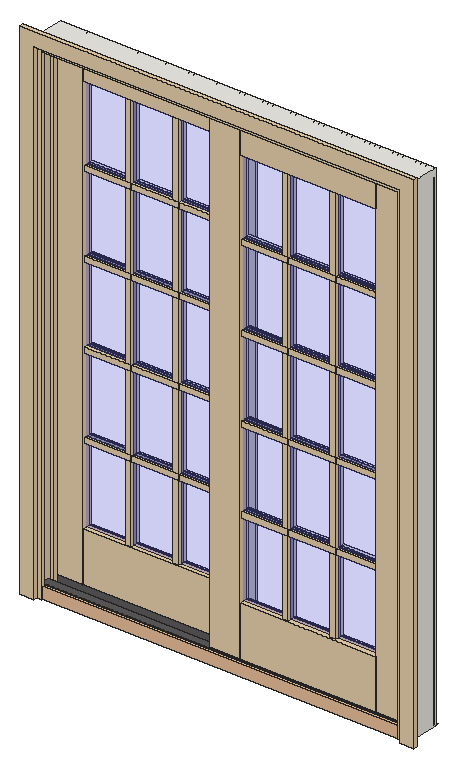
Revit family "Door-Gliding-Andersen-E_Series-Double 2", category Doors, host Wall, Revit 2013 (continued)
Dimensions and locks (in)
  aligned and locked: Split face 11 sketch curve to Split face 10
  aligned and locked: Split face 12 sketch curve to Split face 11
  aligned and locked: plane 51 "Panel1 S1" to Split face 13 sketch curve
  aligned and locked: plane 2 "Center (Left/Right)" to Split face 14 sketch curve
  aligned and locked: Split face 14 sketch curve to plane 63 "Panel2 S2"
  aligned and locked: Split face 14 sketch curve to plane 51 "Panel1 S1"
  aligned and locked: plane 63 "Panel2 S2" to Split face 15 sketch curve
  aligned and locked: nested 2 to plane 44 "R Panel"
  aligned and locked: plane 45 "T Panel" to nested 2
  aligned and locked: plane 63 "Panel2 S2" to nested 2
  aligned and locked: plane 54 "Frame S2 Ext" to Sweep 13 sketch curve
  aligned and locked: Sweep 13 sketch curve to plane 54 "Frame S2 Ext"
  aligned and locked: plane 63 "Panel2 S2" to curve 142
  aligned and locked: plane 63 "Panel2 S2" to curve 143
  aligned and locked: plane 51 "Panel1 S1" to curve 143
  aligned and locked: plane 51 "Panel1 S1" to curve 142
  aligned and locked: plane 31 "T Casing 3" to curve 1
  aligned and locked: plane 13 "Casing S1" to curve 1
Automatic sketch dimensions
  Sweep 8 sketch curve to level = 0' - 0"  (x2)
  profile plane to Sweep 8 sketch curve = 0' - 0 3/4"
  curve 93 to curve 93 = 0' - 5 29/32"
  curve 94 to curve 94 = 0' - 5 29/32"
  curve 8 to curve 8 = 0' - 5 29/32"
  profile plane to Sweep 12 sketch curve = 0' - 1.85627"
  profile plane to Sweep 12 sketch curve = 0' - 1.73369"
  Split face 1 sketch curve to Sweep 12 = 0' - 0"
  Sweep 12 to Split face 1 sketch curve = 0' - 0.00217"
  curve 27 to curve 82 = 0' - 0 1/2"
  curve 82 to curve 21 = 0' - 2.0615"
  curve 80 to curve 22 = 0' - 0 33/64"
  curve 24 to curve 25 = 0' - 1"
  curve 24 to curve 21 = 0' - 0 1/8"
  curve 82 to curve 21 = 0' - 0 3/16"
  curve 21 to curve 23 = 0' - 0 5/8"
  curve 82 to curve 82 = 0' - 0 13/16"
  curve 26 to curve 84 = 0' - 0.19037"
  curve 81 to curve 27 = 0' - 0 3/4"
  curve 21 to curve 24 = 0' - 1.82913"
  curve 84 to curve 26 = 0' - 0 9/32"
  curve 84 to curve 28 = 0' - 0.24713"
  curve 78 to curve 87 = 0' - 0 1/2"
  curve 87 to curve 72 = 0' - 2.0615"
  curve 85 to curve 73 = 0' - 0 33/64"
  curve 75 to curve 76 = 0' - 1"
  curve 75 to curve 72 = 0' - 0 1/8"
  curve 87 to curve 72 = 0' - 0 3/16"
  curve 72 to curve 74 = 0' - 0 5/8"
  curve 87 to curve 87 = 0' - 0 13/16"
  curve 77 to curve 89 = 0' - 0.19037"
  curve 86 to curve 78 = 0' - 0 3/4"
  curve 72 to curve 75 = 0' - 1.82913"
  curve 89 to curve 77 = 0' - 0 9/32"
  curve 89 to curve 79 = 0' - 0.24713"
  curve 115 to curve 115 = 0' - 0 1/4"
  curve 55 to curve 61 = 0' - 0 1/2"
  curve 60 to curve 54 = 0' - 2.0615"
  curve 54 to curve 53 = 0' - 0 33/64"
  curve 53 to curve 51 = 0' - 1.82913"
  curve 51 to curve 57 = 0' - 1"
  curve 56 to curve 57 = 0' - 0 9/32"
  curve 62 to curve 56 = 0' - 0"
  curve 56 to curve 62 = 0' - 0 7/16"
  curve 56 to curve 52 = 0' - 0 3/4"
  curve 59 to curve 52 = 0' - 0"
  curve 59 to curve 61 = 0' - 0.563"
  curve 58 to curve 58 = 0' - 0 5/8"
  curve 51 to curve 51 = 0' - 0 3/4"
  curve 56 to curve 62 = 0' - 0 1/4"
  curve 116 to curve 116 = 0' - 0 1/4"
  curve 43 to curve 18 = 0' - 0 1/2"
  curve 17 to curve 42 = 0' - 2.0615"
  curve 16 to curve 17 = 0' - 0 33/64"
  curve 14 to curve 16 = 0' - 1.82913"
  curve 20 to curve 14 = 0' - 1"
  curve 20 to curve 19 = 0' - 0 9/32"
  curve 44 to curve 19 = 0' - 0"
  curve 19 to curve 44 = 0' - 0 7/16"
  curve 19 to curve 15 = 0' - 0 3/4"
  curve 41 to curve 15 = 0' - 0"
  curve 41 to curve 43 = 0' - 0.563"
  curve 40 to curve 40 = 0' - 0 5/8"
  curve 14 to curve 14 = 0' - 0 3/4"
  curve 19 to curve 44 = 0' - 0 1/4"
  curve 117 to curve 117 = 0' - 0 1/4"
  curve 48 to curve 37 = 0' - 0 1/2"
  curve 36 to curve 47 = 0' - 2.0615"
  curve 35 to curve 36 = 0' - 0 33/64"
  curve 33 to curve 35 = 0' - 1.82913"
  curve 39 to curve 33 = 0' - 1"
  curve 39 to curve 38 = 0' - 0 9/32"
  curve 49 to curve 38 = 0' - 0"
  curve 38 to curve 49 = 0' - 0 7/16"
  curve 38 to curve 34 = 0' - 0 3/4"
  curve 46 to curve 34 = 0' - 0"
  curve 46 to curve 48 = 0' - 0.563"
  curve 45 to curve 45 = 0' - 0 5/8"
  curve 33 to curve 33 = 0' - 0 3/4"
  curve 38 to curve 49 = 0' - 0 1/4"
  curve 30 to level = 0' - 0"
  curve 29 to level = 0' - 0"
  curve 29 to plane 46 "B Panel" = 0' - 0"
  Masking region 1 sketch curve to plane 29 "T Casing 1" = 0' - 0.00287"
  plane 29 "T Casing 1" to Masking region 1 sketch curve = 0' - 0 3/16"
  Masking region 3 sketch curve to plane 29 "T Casing 1" = 0' - 0.00287"
  plane 29 "T Casing 1" to Masking region 3 sketch curve = 0' - 0 3/16"
  curve 71 to curve 125 = 0' - 0.75959"
  curve 125 to curve 66 = 0' - 0 1/4"
  curve 66 to curve 69 = 0' - 0.30308"
  curve 66 to curve 92 = 0' - 1.21767"
  curve 91 to curve 92 = 0' - 1.7605"
  curve 90 to curve 70 = 0' - 0.06458"
  curve 90 to curve 9 = 0' - 1 15/128"
  curve 64 to curve 9 = 0' - 0"  (x2)
  curve 65 to curve 65 = 0' - 0.61541"
  curve 65 to curve 10 = 0' - 0"
  curve 63 to curve 63 = 0' - 0.05976"
  curve 63 to curve 68 = 0' - 0.13918"
  curve 68 to curve 91 = 0' - 0.12708"
  curve 68 to curve 69 = 0' - 0.20978"
  curve 67 to curve 65 = 0' - 1.24271"
  curve 67 to curve 67 = 0' - 1.28489"
  curve 66 to curve 124 = 0' - 0.02119"
  curve 63 to curve 9 = 0' - 2.05971"
  curve 90 to curve 9 = 0' - 0"
  curve 66 to curve 124 = 0' - 0.31162"
  curve 9 to curve 63 = 0' - 0.09649"
  curve 68 to curve 69 = 0' - 0 1/8"
  curve 66 to curve 125 = 0' - 0.01748"
  curve 65 to curve 127 = 0' - 0.13398"
  curve 105 to curve 129 = 0' - 0.75959"
  curve 129 to curve 100 = 0' - 0 1/4"
  curve 100 to curve 103 = 0' - 0.30308"
  curve 100 to curve 108 = 0' - 1.21767"
  curve 107 to curve 108 = 0' - 1.7605"
  curve 106 to curve 104 = 0' - 0.06458"
  curve 106 to curve 95 = 0' - 1 15/128"
  curve 98 to curve 95 = 0' - 0"  (x2)
  curve 99 to curve 99 = 0' - 0.61541"
  curve 99 to curve 96 = 0' - 0"
  curve 97 to curve 97 = 0' - 0.05976"
  curve 97 to curve 102 = 0' - 0.13918"
  curve 102 to curve 107 = 0' - 0.12708"
  curve 102 to curve 103 = 0' - 0.20978"
  curve 101 to curve 99 = 0' - 1.24271"
  curve 101 to curve 101 = 0' - 1.28489"
  curve 100 to curve 128 = 0' - 0.02119"
  curve 97 to curve 95 = 0' - 2.05971"
  curve 106 to curve 95 = 0' - 0"
  curve 100 to curve 128 = 0' - 0.31162"
  curve 95 to curve 97 = 0' - 0.09649"
  curve 102 to curve 103 = 0' - 0 1/8"
  curve 100 to curve 129 = 0' - 0.01748"
  curve 99 to curve 131 = 0' - 0.13398"
  profile plane to Sweep 7 sketch curve = 0' - 1 3/8"
  Sweep 7 sketch curve to plane 10 "Flange" = 0' - 4 1/16"
  profile plane to Sweep 7 sketch curve = 0' - 0 7/16"
  Sweep 7 sketch curve to Sweep 7 sketch curve = 0' - 0 1/4"
  Sweep 7 sketch curve to Sweep 7 sketch curve = 0' - 0 9/32"
  curve 109 to plane 10 "Flange" = 0' - 0"
  curve 6 to plane 10 "Flange" = 0' - 0"
  curve 7 to plane 10 "Flange" = 0' - 0"
  curve 110 to plane 3 "R Frame" = 0' - 0"
  curve 110 to plane 10 "Flange" = 0' - 0"
  curve 7 to plane 20 "R Casing 4" = 0' - 0"
  curve 12 to plane 3 "R Frame" = 0' - 0"
  curve 31 to plane 3 "R Frame" = 0' - 0"
  curve 31 to plane 36 "R Xjamb 1" = 0' - 0"
  curve 12 to plane 17 "R Casing 1" = 0' - 0 1/8"
  Sweep 9 sketch curve to profile plane = 0' - 0.09649"
  Sweep 9 sketch curve to plane 10 "Flange" = 0' - 3.94709"
  Sweep 9 sketch curve to profile plane = 0' - 0 5/32"
  Sweep 9 sketch curve to Sweep 9 sketch curve = 0' - 0.13918"
  Sweep 9 sketch curve to profile plane = 0' - 0.42251"
  Sweep 9 sketch curve to Sweep 9 sketch curve = 0' - 0 1/8"
  Sweep 9 sketch curve to profile plane = 0' - 0.63229"
  Sweep 9 sketch curve to Sweep 9 sketch curve = 0' - 1.28489"
  Sweep 9 sketch curve to Sweep 9 sketch curve = 0' - 0.13398"
  Sweep 9 sketch curve to Sweep 9 sketch curve = 0' - 1.31268"
  plane 10 "Flange" to Sweep 9 sketch curve = 0' - 0.40833"
  Split face 2 sketch curve to cut or joined group of Sweep 9, Sweep 11 = 0' - 0"  (x2)
  Split face 3 sketch curve to Sweep 10 = 0' - 0"  (x2)
  Split face 4 sketch curve to Sweep 10 = 0' - 0"
  Sweep 10 to Split face 4 sketch curve = 0' - 0"
  Split face 5 sketch curve to Sweep 10 = 0' - 0"
  Sweep 10 to Split face 5 sketch curve = 0' - 0"
  Split face 6 sketch curve to Sweep 10 = 0' - 0"  (x2)
  Split face 7 sketch curve to Sweep 8 = 0' - 0"  (x2)
  Split face 8 sketch curve to Sweep 8 = 0' - 0"  (x2)
  Split face 9 sketch curve to Sweep 8 = 0' - 0"
  Sweep 8 to Split face 9 sketch curve = 0' - 0"
  Split face 10 sketch curve to Sweep 7 = 0' - 0"
  Sweep 7 to Split face 10 sketch curve = 0' - 0"
  Split face 11 sketch curve to Sweep 7 = 0' - 0"  (x2)
  Split face 12 sketch curve to Sweep 7 = 0' - 0"  (x2)
  Split face 13 sketch curve to Sweep 8 = 0' - 0"
  Sweep 8 to Split face 13 sketch curve = 0' - 0"
  Split face 14 sketch curve to Sweep 8 = 0' - 0"  (x2)
  Sweep 8 to Split face 15 sketch curve = 0' - 0"  (x2)
  plane 30 "T Casing 2" to curve 1 = 0' - 0"
  curve 3 to plane 11 "Frame S1" = 0' - 0"
Nested families (in)
  nested 1: "Gliding_Panel" at (13.5622, -2.76125, 2.1562) x (-1, 0, 0) z (0, 0, 1), Width <- "Panel Width", Height <- "Panel Height", Between Glass Grille Bar Finish <- "Between Glass Grille Bar Finish", Exterior Grille Bar Finish <- "Exterior Grille Bar Finish", Between Glass Grille Bar Visibility <- "Between Glass Grille Bar Visibility", Exterior Grille Bar Visibility <- "Exterior Grille Bar Visibility", Interior Grille Bar Visibility <- "Interior Grille Bar Visibility", . . Lights Wide <- ". . Lights Wide", . . Top Glass Lights High <- ". . Top Light Lights High", . . Bottom Glass Lights High <- ". . Bottom Light Lights High", . . .Lights Wide <- ". . .Lights Wide", . . .Lights High <- ". . .Lights High", . . .Bottom Bar Location <- ". . .Bottom Bar Location", . . .Bottom Bar Size <- ". . .Bottom Bar Size", Enter Pattern Number <- "Enter Pattern Number", Grille Bar Size <- "Grille Bar Size", Is Gliding <- "Is Gliding", Exterior Panel Finish <- "Exterior Panel Finish", Glazing <- "Glazing Material", Interior Material <- "Interior Material", type <- "Panel Type", Right Jamb Material <- "Interior Material", Left Jamb Material <- "Exterior Panel Finish", type "SP1"
    with Width 2' - 7 1/4", VGB DLO 0' - 6.7084", V Bars 2, TS V DLO 5' - 4 3/16", TS V Bar Length 5' - 4 3/16", TS SH DLO 3' - 0 25/32", TS S V no, TS S H Craftsman no, TS S H no, TS M V yes, TS M H yes, TS HGB DLO 1' - 0.1375", TS H Bars 4, Right Jamb Material Wood - Andersen - Pine, Left Jamb Material Aluminum - Andersen - Painted - White, LW 3, Is Outswing no, Is Inswing no, Is Gliding yes, Interior Material Wood - Andersen - Pine, Interior Grille Bar Visibility yes, Horizontal Craftsman Bar Size 0' - 0 7/8", Hinge "", Height 6' - 4 7/8", H DLO 1' - 9.8752", Grille Bar Size 0' - 0 7/8", Glazing Glass ‐ Andersen - Low-E4 SmartSun, Exterior Panel Finish Aluminum - Andersen - Painted - White, Exterior Grille Bar Visibility yes, Exterior Grille Bar Finish Aluminum - Andersen - Painted - White, Enter Pattern Number 1, CTRL Elevation Swing Visibility no, Between Glass Grille Bar Visibility yes, Between Glass Grille Bar Finish Stainless Steel - Andersen - Standard, BS V DLO 2' - 0 11/32", BS SH DLO 1' - 8 11/64", BS S V no, BS S H no, BS M V no, BS M H no, BS HGB DLO 0' - 5", BS H Bars 2, . . Top Glass Lights High 5, . . Lights Wide 3, . . Bottom Glass Lights High 2, . . .Lights Wide 3, . . .Lights High 1, . . .Bottom Bar Size 0' - 0 7/8", . . .Bottom Bar Location 1' - 0"
  nested 2: "Gliding_Panel" at (-13.5625, -0.2605, 2.1562) x (-1, 0, 0) z (0, 0, 1), Width <- "Panel Width", Height <- "Panel Height", Between Glass Grille Bar Finish <- "Between Glass Grille Bar Finish", Exterior Grille Bar Finish <- "Exterior Grille Bar Finish", Between Glass Grille Bar Visibility <- "Between Glass Grille Bar Visibility", Exterior Grille Bar Visibility <- "Exterior Grille Bar Visibility", Interior Grille Bar Visibility <- "Interior Grille Bar Visibility", . . Lights Wide <- ". . Lights Wide", . . Top Glass Lights High <- ". . Top Light Lights High", . . Bottom Glass Lights High <- ". . Bottom Light Lights High", . . .Lights Wide <- ". . .Lights Wide", . . .Lights High <- ". . .Lights High", . . .Bottom Bar Location <- ". . .Bottom Bar Location", . . .Bottom Bar Size <- ". . .Bottom Bar Size", Enter Pattern Number <- "Enter Pattern Number", Grille Bar Size <- "Grille Bar Size", Exterior Panel Finish <- "Exterior Panel Finish", Glazing <- "Glazing Material", Interior Material <- "Interior Material", type <- "Panel Type", Left Jamb Material <- "Exterior Panel Finish", Right Jamb Material <- "Interior Material", type "SP1"
    with Width 2' - 7 1/4", VGB DLO 0' - 6.7084", V Bars 2, TS V DLO 5' - 4 3/16", TS V Bar Length 5' - 4 3/16", TS SH DLO 3' - 0 25/32", TS S V no, TS S H Craftsman no, TS S H no, TS M V yes, TS M H yes, TS HGB DLO 1' - 0.1375", TS H Bars 4, Right Jamb Material Wood - Andersen - Pine, Left Jamb Material Aluminum - Andersen - Painted - White, LW 3, Is Outswing no, Is Inswing no, Is Gliding no, Interior Material Wood - Andersen - Pine, Interior Grille Bar Visibility yes, Horizontal Craftsman Bar Size 0' - 0 7/8", Hinge "", Height 6' - 4 7/8", H DLO 1' - 9.8752", Grille Bar Size 0' - 0 7/8", Glazing Glass ‐ Andersen - Low-E4 SmartSun, Exterior Panel Finish Aluminum - Andersen - Painted - White, Exterior Grille Bar Visibility yes, Exterior Grille Bar Finish Aluminum - Andersen - Painted - White, Enter Pattern Number 1, CTRL Elevation Swing Visibility no, Between Glass Grille Bar Visibility yes, Between Glass Grille Bar Finish Stainless Steel - Andersen - Standard, BS V DLO 2' - 0 11/32", BS SH DLO 1' - 8 11/64", BS S V no, BS S H no, BS M V no, BS M H no, BS HGB DLO 0' - 5", BS H Bars 2, . . Top Glass Lights High 5, . . Lights Wide 3, . . Bottom Glass Lights High 2, . . .Lights Wide 3, . . .Lights High 1, . . .Bottom Bar Size 0' - 0 7/8", . . .Bottom Bar Location 1' - 0"
Definition of nested family "Gliding_Panel"
  Parameters (values of type "SP3")
    URL = "www.eaglewindow.com"
    Right Jamb Material [instance] = Wood - Andersen - Pine
    Model = "E-Series Doors"  # constant formula
    Manufacturer = "Andersen Corporation"  # constant formula
    Left Jamb Material [instance] = Wood - Andersen - Pine
    Is Gliding [instance] = no
    Interior Material [instance] = Wood - Andersen - Pine
    Hinge [instance] = ""
    Grille Bar Sizes = "5/8'', 7/8'', 1 1/8'', 1 1/2'', 2 1/4''"  # constant formula
    Glazing [instance] = Glass ‐ Andersen - Low-E4 SmartSun
    Exterior Panel Finish [instance] = Aluminum - Andersen - Painted - White
    Description = "Aluminum-Clad Wood Doors"  # constant formula
    CTRL Elevation Swing Visibility [instance] = or(Is Outswing, Is Inswing)  # no
    Between Glass Grille Bar Sizes = "5/8'', 1''"  # constant formula
    Grille Bar Size [instance] = 0' - 0 7/8"
    Enter Pattern Number [instance] = 1
    Pattern Number 1 = "Traditional"  # constant formula
    Pattern Number 2 = "Traditional Top Light Only"  # constant formula
    Analytic Construction = "<None>"
    . . Lights Wide [instance] = 3
    . . Top Glass Lights High [instance] = 3
    . . Bottom Glass Lights High [instance] = 4
    Pattern Number 3 = "Praire Each Light"  # constant formula
    Pattern Number 4 = "Praire Top Light Only"  # constant formula
    Pattern Number 5 = "Praire Overall"  # constant formula
    Pattern Number 6 = "Craftsman"  # constant formula
    . . .Lights Wide [instance] = 3
    . . .Lights High [instance] = 1
    . . .Bottom Bar Location [instance] = 1' - 6"
    . . .Bottom Bar Size [instance] = 0' - 0 7/8"
    Interior Grille Bar Visibility [instance] = yes
    Exterior Grille Bar Visibility [instance] = yes
    Between Glass Grille Bar Visibility [instance] = yes
    Width [instance] = 2' - 10 3/4"
    VGB DLO [instance] = if(or(Enter Pattern Number = 3, or(Enter Pattern Number = 4, Enter Pattern Number = 5)), 0' 5", (H DLO - (Grille Bar Size * (V Bars))) / if(LW > 2, LW, 3))  # 0' - 9.16667"
    V Bars [instance] = if(LW > 2, LW - 1, 2)  # 2
    Type Comments = "Aluminum-Clad Wood"
    Top Rail Size = 0' - 2 3/4"
    Thickness = 0' - 1 3/4"
    TS V DLO [instance] = if(Has Middle Rail, Height - Top Rail Size - Middle Rail Size - Middle Rail Offset, Height - Bottom Rail Size - Top Rail Size)  # 6' - 6 1/2"
    TS V Bar Length [instance] = if(Enter Pattern Number = 6, . . .Bottom Bar Location - Top Rail Size - (. . .Bottom Bar Size / 2), TS V DLO)  # 6' - 6 1/2"
    TS SH DLO [instance] = if(Enter Pattern Number = 5, Top Rail Size + 0' 5" + (Grille Bar Size / 2), if(Enter Pattern Number = 6, . . .Bottom Bar Location, (TS V DLO / 2) + Top Rail Size))  # 3' - 6"
    TS S V [instance] = LW = 2  # no
    TS S H Craftsman [instance] = and(Enter Pattern Number = 6, . . .Lights High = 2)  # no
    TS S H [instance] = or(or(and(. . Top Glass Lights High = 2, or(or(or(Enter Pattern Number = 5, Enter Pattern Number = 6), Enter Pattern Number = 1), Enter Pattern Number = 2)), Enter Pattern Number = 6), Enter Pattern Number = 5)  # no
    TS M V [instance] = or(or(or(or(or(and(LW > 2, Enter Pattern Number = 1), and(LW > 2, Enter Pattern Number = 2)), Enter Pattern Number = 3), Enter Pattern Number = 4), Enter Pattern Number = 5), and(LW > 2, Enter Pattern Number = 6))  # yes
    TS M H [instance] = or(or(or(and(. . Top Glass Lights High > 2, Enter Pattern Number = 1), and(. . Top Glass Lights High > 2, Enter Pattern Number = 2), Enter Pattern Number = 3), Enter Pattern Number = 4), and(. . .Lights High > 2, Enter Pattern Number = 6))  # yes
    TS HGB DLO [instance] = if(or(Enter Pattern Number = 3, Enter Pattern Number = 4), 0' 5", if(and(Enter Pattern Number = 6, . . .Lights High > 2), (TS V Bar Length - (Grille Bar Size * (. . .Lights High - 1))) / . . .Lights High, if(. . Top Glass Lights High > 2, (TS V Bar Length - (. . .Bottom Bar Size * (. . Top Glass Lights High - 1))) / . . Top Glass Lights High, 0' 5")))  # 2' - 1.58333"
    TS H Bars [instance] = if(or(Enter Pattern Number = 3, Enter Pattern Number = 4), 2, if(and(Enter Pattern Number = 6, . . .Lights High > 2), . . .Lights High - 1, if(. . Top Glass Lights High > 2, . . Top Glass Lights High - 1, 2)))  # 2
    LW [instance] = if(or(Enter Pattern Number = 1, Enter Pattern Number = 2), . . Lights Wide, if(Enter Pattern Number = 6, . . .Lights Wide, 3))  # 3
    Horizontal Craftsman Bar Size [instance] = if(Enter Pattern Number = 6, . . .Bottom Bar Size, Grille Bar Size)  # 0' - 0 7/8"
    Stile Size = 0' - 2 3/4"
    Middle Rail Size = 0' - 2 3/4"
    Middle Rail Offset = 2' - 8 11/32"
    Is Outswing [instance] = no
    Is Inswing [instance] = no
    Height [instance] = 7' - 0"
    No Middle Rail = not(Has Middle Rail)  # yes
    Has Middle Rail = 1 = 0  # no
    H DLO [instance] = Width - (2 * Stile Size)  # 2' - 5 1/4"
    Family Version = "06.01.14"  # constant formula
    Exterior Grille Bar Finish [instance] = Aluminum - Andersen - Painted - White
    Bottom Rail Size = 0' - 2 3/4"
    Between Glass Grille Bar Finish [instance] = Stainless Steel - Andersen - Standard
    BS V DLO [instance] = Middle Rail Offset - Bottom Rail Size  # 2' - 5 19/32"
    BS SH DLO [instance] = if(Enter Pattern Number = 5, Bottom Rail Size + 0' 5" + (Grille Bar Size / 2), (BS V DLO / 2) + Bottom Rail Size)  # 1' - 5 35/64"
    BS S V [instance] = and(and(LW = 2, Enter Pattern Number = 1), Has Middle Rail)  # no
    BS S H [instance] = or(and(. . Bottom Glass Lights High = 2, Enter Pattern Number = 1, Has Middle Rail), Enter Pattern Number = 5)  # no
    BS M V [instance] = and(or(or(and(LW > 2, Enter Pattern Number = 1), Enter Pattern Number = 3), Enter Pattern Number = 5), Has Middle Rail)  # no
    BS M H [instance] = and(or(and(. . Bottom Glass Lights High > 2, Enter Pattern Number = 1), Enter Pattern Number = 3), Has Middle Rail)  # no
    BS HGB DLO [instance] = if(. . Bottom Glass Lights High > 2, if(Enter Pattern Number = 3, 0' 5", (BS V DLO - (Grille Bar Size * (. . Bottom Glass Lights High - 1))) / . . Bottom Glass Lights High), 0' 5")  # 0' - 6 95/128"
    BS H Bars [instance] = if(Enter Pattern Number = 3, 2, if(. . Bottom Glass Lights High > 2, . . Bottom Glass Lights High - 1, 2))  # 3
    Appear In Schedule = 0 = 1  # no
  Types (3): name | Right Jamb Material | Left Jamb Material | VGB DLO | Top Rail Size | TS V DLO | TS V Bar Length | TS SH DLO | TS HGB DLO | Stile Size | Middle Rail Size | H DLO | Bottom Rail Size | BS V DLO | BS SH DLO | BS HGB DLO
    SP1 | Aluminum - Andersen - Painted - White | Aluminum - Andersen - Painted - White | 0' - 7.87507" | 0' - 4 11/16" | 5' - 11 5/16" | 5' - 11 5/16" | 3' - 4 11/32" | 1' - 11 3/16" | 0' - 4.6874" | 0' - 5 5/16" | 2' - 1.3752" | 0' - 8" | 2' - 0 11/32" | 1' - 8 11/64" | 0' - 5 55/128"
    SP2 | Aluminum - Andersen - Painted - White | Aluminum - Andersen - Painted - White | 0' - 7.87507" | 0' - 4 11/16" | 5' - 7 5/16" | 5' - 7 5/16" | 3' - 2 11/32" | 1' - 9.85417" | 0' - 4.6874" | 0' - 5 5/16" | 2' - 1.3752" | 1' - 0" | 1' - 8 11/32" | 1' - 10 11/64" | 0' - 4 55/128"
    SP3 | Wood - Andersen - Pine | Wood - Andersen - Pine | 0' - 9.16667" | 0' - 2 3/4" | 6' - 6 1/2" | 6' - 6 1/2" | 3' - 6" | 2' - 1.58333" | 0' - 2 3/4" | 0' - 2 3/4" | 2' - 5 1/4" | 0' - 2 3/4" | 2' - 5 19/32" | 1' - 5 35/64" | 0' - 6 95/128"
  Reference planes (in)
    plane 1 "Center (Front/Back)": y = 0
    plane 2 "Bottom": z = 0
    plane 3 "Center (Left/Right)": x = 0
    plane 4 "Panel S1": y = 0.875
    plane 5 "Panel S2": y = -0.875
    plane 6 "Left": x = -17.375
    plane 7 "Right": x = 17.375
    plane 8 "Top": z = 84
    plane 9 "Center (Elevation)": z = 42
    plane 10 "Right of Left Side": x = -14.625
    plane 11 "Left of Right Side": x = 14.625
    plane 12 "Top of Bottom Rail": z = 2.75
    plane 13 "Bottom of Top Rail": z = 81.25
    plane 14 "Bottom of Middle Rail": z = 32.34375
    plane 15 "Top of Middle Rail": z = 35.09375
    plane 16 "Glass S4": y = -0.25
    plane 17 "Glass S1": y = 0.5
    plane 18 "Glass S3": y = -0.125
    plane 19 "Glass S2": y = 0.375
    plane 20 "B DLO": z = 2.75
    plane 21 "Sliding Elevation": x = -5.7729
  Forms (in)
    Sweep 1, solid, material "Aluminum - Andersen - Painted - White" <- "Exterior Panel Finish"
      path origin (0, 0, 0) x (1, 0, 0) y (0, 0, 1)
        loop
          line (0, 84) -> (0, 0)
      profile origin (0, 0, 42) x (0, -1, 0) y (1, 0, 0)
        loop
          line (-0.875, -17.375) -> (-0.5, -17.375) -> (-0.5, -14.625) -> (-0.875, -14.625) -> (-0.875, -17.375)
        loop
          line (-0.875, 17.375) -> (-0.875, 14.625) -> (-0.5, 14.625) -> (-0.5, 17.375) -> (-0.875, 17.375)
    Sweep 2, solid, material "Aluminum - Andersen - Painted - White" <- "Exterior Panel Finish"
      path origin (0, 0, 0) x (1, 0, 0) y (0, 0, 1)
        loop
          line (-14.625, 2.75) -> (14.625, 2.75)
      profile origin (0, 0, 2.75) x (0, 0, 1) y (0, -1, 0)
        loop
          line (0, -0.875) -> (0, -0.5) -> (-2.75, -0.5) -> (-2.75, -0.875) -> (0, -0.875)
        loop
          line (78.5, -0.5) -> (78.5, -0.875) -> (81.25, -0.875) -> (81.25, -0.5) -> (78.5, -0.5)
    Sweep 3, solid, material "Wood - Andersen - Pine" <- "Interior Material"
      path origin (0, 0, 0) x (1, 0, 0) y (0, 0, 1)
        loop
          line (0, 84) -> (0, 0)
      profile origin (0, 0, 42) x (0, -1, 0) y (1, 0, 0)
        loop
          line (0.875, 17.375) -> (-0.5, 17.375) -> (-0.5, 14.625) -> (0.875, 14.625) -> (0.875, 17.375)
        loop
          line (0.875, -14.625) -> (-0.5, -14.625) -> (-0.5, -17.375) -> (0.875, -17.375) -> (0.875, -14.625)
    Sweep 4, solid, material "Wood - Andersen - Pine" <- "Interior Material"
      path origin (0, 0, 0) x (1, 0, 0) y (0, 0, 1)
        loop
          line (-14.625, 35.09375) -> (14.625, 35.09375)
      profile origin (0, 0, 35.09375) x (0, 0, 1) y (0, -1, 0)
        loop
          line (48.90625, 0.875) -> (46.15625, 0.875) -> (46.15625, -0.5) -> (48.90625, -0.5) -> (48.90625, 0.875)
        loop
          line (-32.34375, 0.875) -> (-35.09375, 0.875) -> (-35.09375, -0.5) -> (-32.34375, -0.5) -> (-32.34375, 0.875)
    Sweep 5, solid, material "Glass ‐ Andersen - Low-E4 SmartSun" <- "Glazing"
      path origin (0, 0, 0) x (1, 0, 0) y (0, 0, 1)
        loop
          line (0, 81.25) -> (0, 2.75)
      profile origin (0, 0, 42) x (0, -1, 0) y (1, 0, 0)
        loop
          line (-0.5, 14.625) -> (-0.5, -14.625) -> (0.25, -14.625) -> (0.25, 14.625) -> (-0.5, 14.625)
    Sweep 6, solid, material "Aluminum - Andersen - Painted - White" <- "Exterior Panel Finish", visible <- "Has Middle Rail"
      path origin (0, 0, 0) x (1, 0, 0) y (0, 0, 1)
        loop
          line (-14.625, 35.09375) -> (14.625, 35.09375)
      profile origin (0, 0, 35.09375) x (0, 0, 1) y (0, -1, 0)
        loop
          line (0, -0.875) -> (0, -0.5) -> (-2.75, -0.5) -> (-2.75, -0.875) -> (0, -0.875)
    Sweep 7, solid, material "Wood - Andersen - Pine" <- "Interior Material", visible <- "Has Middle Rail"
      path origin (0, 0, 0) x (1, 0, 0) y (0, 0, 1)
        loop
          line (-14.625, 35.09375) -> (14.625, 35.09375)
      profile origin (0, 0, 35.09375) x (0, 0, 1) y (0, -1, 0)
        loop
          line (0, -0.5) -> (0, 0.875) -> (-2.75, 0.875) -> (-2.75, -0.5) -> (0, -0.5)
  Lines and regions (in)
    Masking region 1
      outline origin (0, 0, 0) x (1, 0, 0) y (0, 1, 0)
        loop
          line (17.375, 0.875) -> (-17.375, 0.875) -> (-17.375, -0.875) -> (17.375, -0.875) -> (17.375, 0.875)
    Masking region 2
      outline origin (0, 0, 0) x (0, 1, 0) y (0, 0, 1)
        loop
          line (0.875, 84) -> (-0.875, 84) -> (-0.875, 0) -> (0.875, 0) -> (0.875, 84)
    Masking region 3
      outline origin (0, 0, 0) x (1, 0, 0) y (0, 0, 1)
        loop
          line (17.375, 84) -> (-17.375, 84) -> (-17.375, 0) -> (17.375, 0) -> (17.375, 84)
    symbolic lines, style "DoorsPanelProjection"
      curve 1: line (14.625, 0, 81.25) -> (-14.625, 0, 81.25)
      curve 6: line (-14.625, 0, 2.75) -> (14.625, 0, 2.75)
    symbolic lines, style "DoorsPanelProjection", detail levels medium+fine
      curve 2: line (14.625, 0, 0) -> (14.625, 0, 84)
      curve 4: line (-14.625, 0, 84) -> (-14.625, 0, 0)
    symbolic lines, style "DoorsPanelProjection", visible <- "Has Middle Rail"
      curve 3: line (-14.625, 0, 35.09375) -> (14.625, 0, 35.09375)
      curve 5: line (14.625, 0, 32.34375) -> (-14.625, 0, 32.34375)
    symbolic lines, style "Plan Swing", visible <- "Is Outswing"
      curve 7: line (17.375, 0.875, 0) -> (17.375, 35.625, 0)
      curve 8: arc (-17.375, 0.875, 0) -> (-6.90927, 25.15927, 0) -> (17.375, 35.625, 0) r 35.7816
    symbolic lines, style "Plan Swing", visible <- "Is Inswing"
      curve 9: line (17.375, -0.875, 0) -> (17.375, -35.625, 0)
      curve 10: arc (-17.375, -0.875, 0) -> (-7.19696, -25.44696, 0) -> (17.375, -35.625, 0) r 34.75
    symbolic lines, style "Elevation Swing", visible <- "CTRL Elevation Swing Visibility"
      curve 11: line (-17.375, 0, 84) -> (17.375, 0, 42)
      curve 12: line (17.375, 0, 42) -> (-17.375, 0, 0)
    symbolic lines, style "DoorsGlassProjection", detail levels fine
      curve 13: line (0, -0.125, 81.25) -> (0, -0.125, 34.46875)
      curve 14: line (0, 0.375, 81.25) -> (0, 0.375, 34.46875)
      curve 15: line (0, -0.125, 32.34375) -> (0, -0.125, 2.75)
      curve 16: line (0, 0.375, 32.34375) -> (0, 0.375, 2.75)
      curve 17: line (-14.625, -0.125, 0) -> (14.625, -0.125, 0)
      curve 18: line (-14.625, 0.375, 0) -> (14.625, 0.375, 0)
      curve 49: line (14.625, 0.375, 0) -> (15.25, 0.375, 0)
      curve 50: line (14.625, -0.125, 0) -> (15.25, -0.125, 0)
      curve 51: line (14.75, -0.125, 0) -> (14.75, 0.375, 0)
      curve 55: line (-14.625, 0.375, 0) -> (-15.25, 0.375, 0)
      curve 56: line (-14.625, -0.125, 0) -> (-15.25, -0.125, 0)
      curve 57: line (-14.75, -0.125, 0) -> (-14.75, 0.375, 0)
      curve 68: line (0, -0.125, 2.75) -> (0, -0.125, 2.125)
      curve 69: line (0, -0.125, 2.625) -> (0, 0.375, 2.625)
      curve 70: line (0, 0.375, 2.75) -> (0, 0.375, 2.125)
      curve 101: line (0, -0.125, 81.25) -> (0, -0.125, 81.875)
      curve 102: line (0, -0.125, 81.375) -> (0, 0.375, 81.375)
      curve 103: line (0, 0.375, 81.25) -> (0, 0.375, 81.875)
    symbolic lines, style "DoorsGlassProjection"
      curve 19: line (0, -0.25, 2.75) -> (0, -0.25, 32.34375)
      curve 20: line (0, 0.5, 2.75) -> (0, 0.5, 32.34375)
      curve 21: line (0, -0.25, 34.46875) -> (0, -0.25, 81.25)
      curve 22: line (0, 0.5, 34.46875) -> (0, 0.5, 81.25)
    symbolic lines, style "DoorsGlassProjection", detail levels medium+fine
      curve 23: line (-14.625, 0.5, 0) -> (14.625, 0.5, 0)
      curve 24: line (14.625, -0.25, 0) -> (-14.625, -0.25, 0)
    symbolic lines, style "DoorsFrameMullionProjection", detail levels fine
      curve 25: line (14.89063, 0.875, 0) -> (14.89063, 0.78125, 0)
      curve 26: line (14.89063, 0.78125, 0) -> (14.625, 0.64062, 0)
      curve 27: line (14.625, 0.64062, 0) -> (14.625, 0.5, 0)
      curve 28: line (14.625, 0.5, 0) -> (15.25, 0.5, 0)
      curve 29: line (15.25, 0.5, 0) -> (15.25, -0.875, 0)
      curve 30: line (15.25, -0.25, 0) -> (14.625, -0.25, 0)
      curve 31: line (14.625, -0.25, 0) -> (14.71875, -0.75, 0)
      curve 32: line (14.71875, -0.75, 0) -> (15.25, -0.75, 0)
      curve 41: line (-14.89063, 0.875, 0) -> (-14.89063, 0.78125, 0)
      curve 42: line (-14.89063, 0.78125, 0) -> (-14.625, 0.64062, 0)
      curve 43: line (-14.625, 0.64062, 0) -> (-14.625, 0.5, 0)
      curve 44: line (-14.625, 0.5, 0) -> (-15.25, 0.5, 0)
      curve 45: line (-15.25, 0.5, 0) -> (-15.25, -0.875, 0)
      curve 46: line (-15.25, -0.25, 0) -> (-14.625, -0.25, 0)
      curve 47: line (-14.625, -0.25, 0) -> (-14.71875, -0.75, 0)
      curve 48: line (-14.71875, -0.75, 0) -> (-15.25, -0.75, 0)
    symbolic lines, style "DoorsFrameMullionProjection", not visible, detail levels fine
      curve 33: line (9.54443, 3.16951, 0) -> (9.54443, 3.07576, 0)
      curve 34: line (9.54443, 3.07576, 0) -> (9.2788, 2.93514, 0)
      curve 35: line (9.2788, 2.93514, 0) -> (9.2788, 2.79451, 0)
      curve 36: line (9.2788, 2.79451, 0) -> (9.9038, 2.79451, 0)
      curve 37: line (9.9038, 2.79451, 0) -> (9.9038, 1.41951, 0)
      curve 38: line (9.9038, 2.04451, 0) -> (9.2788, 2.04451, 0)
      curve 39: line (9.2788, 2.04451, 0) -> (9.37255, 1.54451, 0)
      curve 40: line (9.37255, 1.54451, 0) -> (9.9038, 1.54451, 0)
    symbolic lines, style "DoorsGlassProjection", not visible, detail levels fine
      curve 52: line (9.2788, 2.66951, 0) -> (9.9038, 2.66951, 0)
      curve 53: line (9.2788, 2.16951, 0) -> (9.9038, 2.16951, 0)
      curve 54: line (9.4038, 2.16951, 0) -> (9.4038, 2.66951, 0)
      curve 79: line (0, 6.94392, 10.7869) -> (0, 6.94392, 10.1619)
      curve 80: line (0, 6.94392, 10.6619) -> (0, 7.44392, 10.6619)
      curve 81: line (0, 7.44392, 10.7869) -> (0, 7.44392, 10.1619)
    symbolic lines, style "DoorsFrameMullionProjection", detail levels medium
      curve 58: line (-14.625, 0.875, 0) -> (-14.625, -0.875, 0)
      curve 59: line (14.625, 0.875, 0) -> (14.625, -0.875, 0)
    symbolic lines, style "DoorsFrameMullionProjection"
      curve 60: line (0, 0.875, 2.48437) -> (0, 0.78125, 2.48437)
      curve 61: line (0, 0.78125, 2.48437) -> (0, 0.64063, 2.75)
      curve 62: line (0, 0.64063, 2.75) -> (0, 0.5, 2.75)
      curve 63: line (0, 0.5, 2.75) -> (0, 0.5, 2.125)
      curve 64: line (0, -0.875, 2.125) -> (0, 0.5, 2.125)
      curve 65: line (0, -0.75, 2.65625) -> (0, -0.75, 2.125)
      curve 66: line (0, -0.25, 2.75) -> (0, -0.75, 2.65625)
      curve 67: line (0, -0.25, 2.125) -> (0, -0.25, 2.75)
      curve 93: line (0, 0.875, 81.51562) -> (0, 0.78125, 81.51562)
      curve 94: line (0, 0.78125, 81.51562) -> (0, 0.64062, 81.25)
      curve 95: line (0, 0.64062, 81.25) -> (0, 0.5, 81.25)
      curve 96: line (0, 0.5, 81.25) -> (0, 0.5, 81.875)
      curve 97: line (0, -0.875, 81.875) -> (0, 0.5, 81.875)
      curve 98: line (0, -0.75, 81.34375) -> (0, -0.75, 81.875)
      curve 99: line (0, -0.25, 81.25) -> (0, -0.75, 81.34375)
      curve 100: line (0, -0.25, 81.875) -> (0, -0.25, 81.25)
    symbolic lines, style "DoorsFrameMullionProjection", not visible
      curve 71: line (0, 7.94392, 10.52128) -> (0, 7.85017, 10.52128)
      curve 72: line (0, 7.85017, 10.52128) -> (0, 7.70954, 10.7869)
      curve 73: line (0, 7.70954, 10.7869) -> (0, 7.56892, 10.7869)
      curve 74: line (0, 7.56892, 10.7869) -> (0, 7.56892, 10.1619)
      curve 75: line (0, 6.19392, 10.1619) -> (0, 7.56892, 10.1619)
      curve 76: line (0, 6.31892, 10.69315) -> (0, 6.31892, 10.1619)
      curve 77: line (0, 6.81892, 10.7869) -> (0, 6.31892, 10.69315)
      curve 78: line (0, 6.81892, 10.1619) -> (0, 6.81892, 10.7869)
    symbolic lines, style "DoorsFrameMullionProjection", visible <- "Has Middle Rail"
      curve 82: line (0, 0.875, 34.82812) -> (0, 0.78125, 34.82812)
      curve 83: line (0, 0.78125, 34.82812) -> (0, 0.64062, 35.09375)
      curve 84: line (0, 0.64062, 35.09375) -> (0, 0.5, 35.09375)
      curve 85: line (0, 0.5, 35.09375) -> (0, 0.5, 34.46875)
      curve 86: line (0, -0.875, 34.46875) -> (0, 0.5, 34.46875)
      curve 87: line (0, -0.75, 35) -> (0, -0.75, 34.46875)
      curve 88: line (0, -0.25, 35.09375) -> (0, -0.75, 35)
      curve 89: line (0, -0.25, 34.46875) -> (0, -0.25, 35.09375)
      curve 104: line (0, 0.875, 32.60937) -> (0, 0.78125, 32.60937)
      curve 105: line (0, 0.78125, 32.60937) -> (0, 0.64062, 32.34375)
      curve 106: line (0, 0.64062, 32.34375) -> (0, 0.5, 32.34375)
      curve 107: line (0, 0.5, 32.34375) -> (0, 0.5, 32.96875)
      curve 108: line (0, -0.875, 32.96875) -> (0, 0.5, 32.96875)
      curve 109: line (0, -0.75, 32.4375) -> (0, -0.75, 32.96875)
      curve 110: line (0, -0.25, 32.34375) -> (0, -0.75, 32.4375)
      curve 111: line (0, -0.25, 32.96875) -> (0, -0.25, 32.34375)
    symbolic lines, style "DoorsGlassProjection", visible <- "Has Middle Rail", detail levels fine
      curve 90: line (0, -0.125, 35.09375) -> (0, -0.125, 34.46875)
      curve 91: line (0, -0.125, 34.96875) -> (0, 0.375, 34.96875)
      curve 92: line (0, 0.375, 35.09375) -> (0, 0.375, 34.46875)
      curve 112: line (0, -0.125, 32.34375) -> (0, -0.125, 32.96875)
      curve 113: line (0, -0.125, 32.46875) -> (0, 0.375, 32.46875)
      curve 114: line (0, 0.375, 32.34375) -> (0, 0.375, 32.96875)
    symbolic lines, style "DoorsFrameMullionProjection", visible <- "Has Middle Rail", not visible
      curve 115: line (0, 7.94392, 10.52128) -> (0, 7.85017, 10.52128)
      curve 116: line (0, 7.85017, 10.52128) -> (0, 7.70954, 10.7869)
      curve 117: line (0, 7.70954, 10.7869) -> (0, 7.56892, 10.7869)
      curve 118: line (0, 7.56892, 10.7869) -> (0, 7.56892, 10.1619)
      curve 119: line (0, 6.19392, 10.1619) -> (0, 7.56892, 10.1619)
      curve 120: line (0, 6.31892, 10.69315) -> (0, 6.31892, 10.1619)
      curve 121: line (0, 6.81892, 10.7869) -> (0, 6.31892, 10.69315)
      curve 122: line (0, 6.81892, 10.1619) -> (0, 6.81892, 10.7869)
    symbolic lines, style "DoorsGlassProjection", visible <- "Has Middle Rail", not visible, detail levels fine
      curve 123: line (0, 6.94392, 10.7869) -> (0, 6.94392, 10.1619)
      curve 124: line (0, 6.94392, 10.6619) -> (0, 7.44392, 10.6619)
      curve 125: line (0, 7.44392, 10.7869) -> (0, 7.44392, 10.1619)
    symbolic lines, style "DoorsGlassProjection", visible <- "No Middle Rail"
      curve 126: line (0, -0.25, 32.34375) -> (0, -0.25, 35.09375)
      curve 127: line (0, 0.5, 32.34375) -> (0, 0.5, 35.09375)
    symbolic lines, style "DoorsGlassProjection", visible <- "No Middle Rail", detail levels fine
      curve 128: line (0, 0.375, 35.09375) -> (0, 0.375, 32.34375)
      curve 129: line (0, -0.125, 35.09375) -> (0, -0.125, 32.34375)
    symbolic lines, style "DoorsPanelProjection", detail levels coarse
      curve 130: line (14.625, 0, 81.25) -> (14.625, 0, 35.09375)
      curve 131: line (-14.625, 0, 81.25) -> (-14.625, 0, 35.09375)
      curve 132: line (-14.625, 0, 35.09375) -> (-14.625, 0, 2.75)
      curve 133: line (14.625, 0, 35.09375) -> (14.625, 0, 2.75)
    symbolic lines, style "Doors", visible <- "Is Gliding"
      curve 134: line (-12.72944, 0, 42) -> (-5.7729, 0, 42)
      curve 135: line (-5.7729, 0, 42) -> (-8.47029, 0, 44.11046)
      curve 136: line (-5.7729, 0, 42) -> (-8.47029, 0, 39.88954)
    model lines, style "InvisibleLines", not visible
      curve 137: line (-23.375, 0, 0) -> (23.375, 0, 0)
  Dimensions and locks (in)
    equal spacing: plane 4 "Panel S1", plane 1 "Center (Front/Back)", plane 5 "Panel S2"
    "Thickness": plane 4 "Panel S1" to plane 5 "Panel S2"
    equal spacing: plane 8 "Top", plane 9 "Center (Elevation)", plane 2 "Bottom"
    "Height": plane 8 "Top" to plane 2 "Bottom"
    "Stile Size": plane 6 "Left" to plane 10 "Right of Left Side"
    "Stile Size": plane 11 "Left of Right Side" to plane 7 "Right"
    locked: plane 17 "Glass S1" to plane 16 "Glass S4" at 0.75
    "Width": curve 7 to curve 7
    "Width": curve 9 to curve 9
    locked: plane 19 "Glass S2" to plane 17 "Glass S1" at 0.125
    locked: plane 18 "Glass S3" to plane 16 "Glass S4" at 0.125
    locked: plane 4 "Panel S1" to plane 17 "Glass S1" at 0.375
    "Top Rail Size": plane 8 "Top" to plane 13 "Bottom of Top Rail"
    "Middle Rail Size": plane 14 "Bottom of Middle Rail" to plane 15 "Top of Middle Rail"
    "Bottom Rail Size": plane 12 "Top of Bottom Rail" to plane 2 "Bottom"
    "Middle Rail Offset": plane 14 "Bottom of Middle Rail" to plane 2 "Bottom"
    equal spacing: plane 6 "Left", plane 3 "Center (Left/Right)", plane 7 "Right"
    "Width": plane 6 "Left" to plane 7 "Right"
    "Width": curve 7 to plane 4 "Panel S1"
    group 9 to group 10 = 0' - 0"  (x2)
    group 10 to group 9 = 2' - 2.45833"
    "TS HGB DLO": plane 13 "Bottom of Top Rail" to nested 1
    "TS HGB DLO": nested 2 to plane 20 "B DLO"
    "TS V Bar Length": plane 13 "Bottom of Top Rail" to plane 20 "B DLO"
    equal spacing: group 11, group 17, group 12  (x2)
    equal spacing: group 12, group 17, group 11
    "BS HGB DLO": plane 14 "Bottom of Middle Rail" to nested 3
    "BS HGB DLO": nested 5 to plane 12 "Top of Bottom Rail"
    group 13 to group 14 = 0' - 10.04167"
    group 13 to group 14 = 0' - 0"  (x2)
    "VGB DLO": plane 10 "Right of Left Side" to nested 7
    "VGB DLO": plane 11 "Left of Right Side" to nested 8
    group 15 to group 16 = 0' - 10.04167"
    group 15 to group 16 = 0' - 0"
    group 16 to group 15 = 0' - 0"
    "VGB DLO": plane 11 "Left of Right Side" to nested 11
    "VGB DLO": plane 10 "Right of Left Side" to nested 10
    "BS SH DLO": nested 4 to plane 2 "Bottom"
    equal spacing: plane 13 "Bottom of Top Rail", nested 13, plane 20 "B DLO"
    "TS SH DLO": plane 8 "Top" to nested 12
    locked: plane 21 "Sliding Elevation" to plane 6 "Left" at 11.6021
    locked: plane 21 "Sliding Elevation" to curve 134 at 6.95654
    locked: curve 135 to plane 9 "Center (Elevation)" at 2.11046
    locked: plane 21 "Sliding Elevation" to curve 135 at 2.69739
    locked: plane 9 "Center (Elevation)" to curve 136 at 2.11046
    locked: plane 21 "Sliding Elevation" to curve 136 at 2.69739
    locked: curve 137 to plane 7 "Right" at 6
    locked: curve 137 to plane 6 "Left" at 6
    locked: curve 7 to plane 4 "Panel S1" (angle 90.00°)
    locked: plane 5 "Panel S2" to curve 9 (angle 90.00°)
    aligned and locked: level to plane 2 "Bottom"
    aligned and locked: plane 8 "Top" to Sweep 1 sketch curve
    aligned and locked: plane 2 "Bottom" to Sweep 1 sketch curve
    aligned and locked: Sweep 1 sketch curve to plane 3 "Center (Left/Right)"
    aligned and locked: Sweep 1 sketch curve to plane 6 "Left"
    aligned and locked: plane 10 "Right of Left Side" to Sweep 1 sketch curve
    aligned and locked: Sweep 1 sketch curve to plane 4 "Panel S1"
    aligned and locked: Sweep 1 sketch curve to plane 11 "Left of Right Side"
    aligned and locked: plane 7 "Right" to Sweep 1 sketch curve
    aligned and locked: plane 4 "Panel S1" to Sweep 1 sketch curve
    aligned and locked: plane 10 "Right of Left Side" to Sweep 2 sketch curve
    aligned and locked: plane 11 "Left of Right Side" to Sweep 2 sketch curve
    aligned and locked: Sweep 2 sketch curve to plane 12 "Top of Bottom Rail"
    aligned and locked: Sweep 2 sketch curve to plane 2 "Bottom"
    aligned and locked: plane 4 "Panel S1" to Sweep 2 sketch curve
    aligned and locked: plane 12 "Top of Bottom Rail" to Sweep 2 sketch curve
    aligned and locked: Sweep 2 sketch curve to plane 8 "Top"
    aligned and locked: Sweep 2 sketch curve to plane 4 "Panel S1"
    aligned and locked: plane 13 "Bottom of Top Rail" to Sweep 2 sketch curve
    aligned and locked: Sweep 3 sketch curve to plane 3 "Center (Left/Right)"
    aligned and locked: plane 8 "Top" to Sweep 3 sketch curve
    aligned and locked: plane 2 "Bottom" to Sweep 3 sketch curve
    aligned and locked: plane 10 "Right of Left Side" to Sweep 3 sketch curve
    aligned and locked: Sweep 3 sketch curve to plane 6 "Left"
    aligned and locked: Sweep 3 sketch curve to plane 5 "Panel S2"  (x2)
    aligned and locked: plane 11 "Left of Right Side" to Sweep 3 sketch curve
    aligned and locked: Sweep 3 sketch curve to plane 7 "Right"
    aligned and locked: plane 10 "Right of Left Side" to Sweep 4 sketch curve
    aligned and locked: plane 11 "Left of Right Side" to Sweep 4 sketch curve
    aligned and locked: plane 15 "Top of Middle Rail" to Sweep 4 sketch curve
    aligned and locked: Sweep 4 sketch curve to plane 2 "Bottom"
    aligned and locked: plane 5 "Panel S2" to Sweep 4 sketch curve  (x2)
    aligned and locked: plane 12 "Top of Bottom Rail" to Sweep 4 sketch curve
    aligned and locked: plane 8 "Top" to Sweep 4 sketch curve
    aligned and locked: Sweep 4 sketch curve to plane 13 "Bottom of Top Rail"
    aligned and locked: plane 12 "Top of Bottom Rail" to Sweep 5 sketch curve
    aligned and locked: plane 13 "Bottom of Top Rail" to Sweep 5 sketch curve
    aligned and locked: plane 10 "Right of Left Side" to Sweep 5 sketch curve
    aligned and locked: plane 11 "Left of Right Side" to Sweep 5 sketch curve
    aligned and locked: Sweep 5 sketch curve to plane 17 "Glass S1"
    aligned and locked: Sweep 5 sketch curve to plane 16 "Glass S4"
    aligned and locked: plane 6 "Left" to Masking region 1 sketch curve
    aligned and locked: plane 7 "Right" to Masking region 1 sketch curve
    aligned and locked: plane 4 "Panel S1" to Masking region 1 sketch curve
    aligned and locked: plane 5 "Panel S2" to Masking region 1 sketch curve
    aligned and locked: Masking region 2 sketch curve to plane 2 "Bottom"
    aligned and locked: plane 8 "Top" to Masking region 2 sketch curve
    aligned and locked: plane 5 "Panel S2" to Masking region 2 sketch curve
    aligned and locked: plane 4 "Panel S1" to Masking region 2 sketch curve
    aligned and locked: Masking region 3 sketch curve to plane 2 "Bottom"
    aligned and locked: plane 8 "Top" to Masking region 3 sketch curve
    aligned and locked: plane 7 "Right" to Masking region 3 sketch curve
    aligned and locked: plane 6 "Left" to Masking region 3 sketch curve
    aligned and locked: plane 13 "Bottom of Top Rail" to curve 1
    aligned and locked: plane 11 "Left of Right Side" to curve 2
    aligned and locked: plane 15 "Top of Middle Rail" to curve 3
    aligned and locked: plane 10 "Right of Left Side" to curve 4
    aligned and locked: plane 14 "Bottom of Middle Rail" to curve 5
    aligned and locked: curve 6 to plane 12 "Top of Bottom Rail"
    aligned and locked: plane 7 "Right" to curve 7
    aligned and locked: plane 4 "Panel S1" to curve 8
    aligned and locked: plane 6 "Left" to curve 8
    aligned and locked: plane 7 "Right" to curve 9
    aligned and locked: plane 5 "Panel S2" to curve 9
    aligned and locked: plane 5 "Panel S2" to curve 10
    aligned and locked: plane 6 "Left" to curve 10
    aligned and locked: plane 10 "Right of Left Side" to Sweep 6 sketch curve
    aligned and locked: plane 15 "Top of Middle Rail" to Sweep 6 sketch curve
    aligned and locked: plane 11 "Left of Right Side" to Sweep 6 sketch curve
    aligned and locked: Sweep 6 sketch curve to plane 15 "Top of Middle Rail"
    aligned and locked: Sweep 6 sketch curve to plane 14 "Bottom of Middle Rail"
    aligned and locked: plane 4 "Panel S1" to Sweep 6 sketch curve
    aligned and locked: plane 10 "Right of Left Side" to Sweep 7 sketch curve
    aligned and locked: plane 11 "Left of Right Side" to Sweep 7 sketch curve
    aligned and locked: plane 15 "Top of Middle Rail" to Sweep 7 sketch curve
    aligned and locked: Sweep 7 sketch curve to plane 15 "Top of Middle Rail"
    aligned and locked: Sweep 7 sketch curve to plane 14 "Bottom of Middle Rail"
    aligned and locked: plane 5 "Panel S2" to Sweep 7 sketch curve
    aligned and locked: plane 6 "Left" to curve 11
    aligned and locked: plane 8 "Top" to curve 11
    aligned and locked: plane 6 "Left" to curve 12
    aligned and locked: plane 2 "Bottom" to curve 12
    aligned and locked: plane 9 "Center (Elevation)" to curve 12
    aligned and locked: plane 7 "Right" to curve 12
    aligned and locked: curve 14 to plane 19 "Glass S2"
    aligned and locked: curve 17 to plane 18 "Glass S3"
    aligned and locked: curve 18 to plane 19 "Glass S2"
    aligned and locked: Sweep 5 to plane 13 "Bottom of Top Rail"
    aligned and locked: Sweep 5 to plane 12 "Top of Bottom Rail"
    aligned and locked: Sweep 5 to plane 16 "Glass S4"
    aligned and locked: Sweep 5 to plane 17 "Glass S1"
    aligned and locked: curve 22 to plane 17 "Glass S1"
    aligned and locked: plane 16 "Glass S4" to curve 21
    aligned and locked: plane 16 "Glass S4" to curve 24
    aligned and locked: plane 17 "Glass S1" to curve 23
    aligned and locked: plane 17 "Glass S1" to Sweep 1 sketch curve
    aligned and locked: Sweep 1 sketch curve to plane 17 "Glass S1"
    aligned and locked: plane 17 "Glass S1" to Sweep 3 sketch curve  (x2)
    aligned and locked: plane 17 "Glass S1" to Sweep 2 sketch curve  (x2)
    aligned and locked: plane 17 "Glass S1" to Sweep 4 sketch curve  (x2)
    aligned and locked: plane 17 "Glass S1" to Sweep 6 sketch curve
    aligned and locked: Sweep 7 sketch curve to plane 17 "Glass S1"
    aligned and locked: Sweep 6 to plane 15 "Top of Middle Rail"
    aligned and locked: plane 11 "Left of Right Side" to curve 18
    aligned and locked: plane 4 "Panel S1" to curve 25
    aligned and locked: curve 27 to plane 11 "Left of Right Side"
    aligned and locked: plane 10 "Right of Left Side" to curve 43
    aligned and locked: plane 4 "Panel S1" to curve 41
    aligned and locked: plane 10 "Right of Left Side" to curve 17
    aligned and locked: plane 4 "Panel S1" to curve 58
    aligned and locked: plane 4 "Panel S1" to curve 59
    aligned and locked: plane 5 "Panel S2" to curve 58
    aligned and locked: plane 5 "Panel S2" to curve 59
    aligned and locked: plane 10 "Right of Left Side" to curve 58
    aligned and locked: curve 59 to plane 11 "Left of Right Side"
    aligned and locked: plane 13 "Bottom of Top Rail" to curve 21
    aligned and locked: plane 13 "Bottom of Top Rail" to curve 13
    aligned and locked: plane 13 "Bottom of Top Rail" to curve 14
    aligned and locked: plane 13 "Bottom of Top Rail" to curve 22
    aligned and locked: plane 12 "Top of Bottom Rail" to curve 20
    aligned and locked: plane 12 "Top of Bottom Rail" to curve 16
    aligned and locked: plane 12 "Top of Bottom Rail" to curve 15
    aligned and locked: plane 4 "Panel S1" to curve 60
    aligned and locked: plane 4 "Panel S1" to curve 93
    aligned and locked: curve 95 to plane 13 "Bottom of Top Rail"
    aligned and locked: curve 62 to plane 12 "Top of Bottom Rail"
    aligned and locked: plane 14 "Bottom of Middle Rail" to curve 19
    aligned and locked: plane 14 "Bottom of Middle Rail" to curve 15
    aligned and locked: plane 14 "Bottom of Middle Rail" to curve 16
    aligned and locked: plane 14 "Bottom of Middle Rail" to curve 20
    aligned and locked: nested 2 to plane 10 "Right of Left Side"
    aligned and locked: nested 3 to plane 10 "Right of Left Side"
    aligned and locked: nested 4 to plane 10 "Right of Left Side"
    aligned and locked: nested 5 to plane 10 "Right of Left Side"
    aligned and locked: plane 13 "Bottom of Top Rail" to nested 6
    aligned and locked: nested 6 to plane 3 "Center (Left/Right)"
    aligned and locked: plane 13 "Bottom of Top Rail" to nested 7
    aligned and locked: plane 13 "Bottom of Top Rail" to nested 8
    aligned and locked: plane 14 "Bottom of Middle Rail" to nested 9
    aligned and locked: nested 9 to plane 3 "Center (Left/Right)"
    aligned and locked: plane 14 "Bottom of Middle Rail" to nested 10
    aligned and locked: plane 14 "Bottom of Middle Rail" to nested 11
    aligned and locked: nested 13 to plane 10 "Right of Left Side"
    aligned and locked: nested 12 to plane 10 "Right of Left Side"
    aligned and locked: plane 4 "Panel S1" to curve 104
    aligned and locked: curve 106 to plane 14 "Bottom of Middle Rail"
    aligned and locked: plane 4 "Panel S1" to curve 82
    aligned and locked: plane 15 "Top of Middle Rail" to curve 84
    aligned and locked: curve 127 to plane 17 "Glass S1"
    aligned and locked: curve 128 to plane 19 "Glass S2"
    aligned and locked: curve 129 to plane 18 "Glass S3"
    aligned and locked: plane 16 "Glass S4" to curve 126
    aligned and locked: plane 12 "Top of Bottom Rail" to curve 133
    aligned and locked: plane 12 "Top of Bottom Rail" to curve 132
    aligned and locked: plane 15 "Top of Middle Rail" to curve 130
    aligned and locked: plane 13 "Bottom of Top Rail" to curve 130
    aligned and locked: plane 13 "Bottom of Top Rail" to curve 131
    aligned and locked: plane 15 "Top of Middle Rail" to curve 131
    aligned and locked: curve 130 to plane 11 "Left of Right Side"
    aligned and locked: curve 133 to plane 11 "Left of Right Side"
    aligned and locked: plane 10 "Right of Left Side" to curve 132
    aligned and locked: plane 10 "Right of Left Side" to curve 131
    aligned and locked: curve 134 to plane 9 "Center (Elevation)"
    aligned and locked: plane 9 "Center (Elevation)" to curve 135
    aligned and locked: plane 21 "Sliding Elevation" to curve 136
    aligned and locked: curve 137 to plane 2 "Bottom"
  Automatic sketch dimensions
    Sweep 5 sketch curve to plane 3 "Center (Left/Right)" = 0' - 0"
    curve 31 to curve 27 = 0' - 0"
    curve 30 to curve 31 = 0' - 0 3/32"
    curve 26 to curve 25 = 0' - 0 17/64"
    curve 25 to curve 28 = 0' - 0 23/64"
    curve 49 to curve 27 = 0' - 0"
    curve 50 to curve 30 = 0' - 0"
    curve 51 to curve 50 = 0' - 0 1/2"
    curve 31 to curve 31 = 0' - 0 1/2"
    curve 30 to curve 27 = 0' - 0 3/4"
    curve 27 to curve 26 = 0' - 0 9/64"
    curve 26 to curve 25 = 0' - 0 9/64"
    curve 29 to curve 32 = 0' - 0 1/8"
    curve 30 to curve 50 = 0' - 0 1/8"
    curve 49 to curve 28 = 0' - 0 1/8"
    curve 25 to curve 25 = 0' - 0 3/32"
    curve 39 to curve 35 = 0' - 0"
    curve 38 to curve 39 = 0' - 0 3/32"
    curve 34 to curve 33 = 0' - 0 17/64"
    curve 33 to curve 36 = 0' - 0 23/64"
    curve 52 to curve 35 = 0' - 0"
    curve 53 to curve 38 = 0' - 0"
    curve 54 to curve 53 = 0' - 0 1/2"
    curve 39 to curve 39 = 0' - 0 1/2"
    curve 38 to curve 35 = 0' - 0 3/4"
    curve 35 to curve 34 = 0' - 0 9/64"
    curve 34 to curve 33 = 0' - 0 9/64"
    curve 37 to curve 40 = 0' - 0 1/8"
    curve 38 to curve 53 = 0' - 0 1/8"
    curve 52 to curve 36 = 0' - 0 1/8"
    curve 33 to curve 33 = 0' - 0 3/32"
    curve 47 to curve 43 = 0' - 0"
    curve 46 to curve 47 = 0' - 0 3/32"
    curve 42 to curve 41 = 0' - 0 17/64"
    curve 41 to curve 44 = 0' - 0 23/64"
    curve 55 to curve 43 = 0' - 0"
    curve 56 to curve 46 = 0' - 0"
    curve 57 to curve 56 = 0' - 0 1/2"
    curve 47 to curve 47 = 0' - 0 1/2"
    curve 43 to curve 46 = 0' - 0 3/4"
    curve 42 to curve 43 = 0' - 0 9/64"
    curve 41 to curve 42 = 0' - 0 9/64"
    curve 48 to curve 45 = 0' - 0 1/8"
    curve 56 to curve 46 = 0' - 0 1/8"
    curve 44 to curve 55 = 0' - 0 1/8"
    curve 41 to curve 41 = 0' - 0 3/32"
    curve 8 to plane 18 "Glass S3" = 0' - 0.01714"
    curve 13 to plane 18 "Glass S3" = 0' - 0"
    curve 19 to plane 12 "Top of Bottom Rail" = 0' - 0"
    plane 15 "Top of Middle Rail" to curve 126 = 0' - 0"
    plane 15 "Top of Middle Rail" to curve 128 = 0' - 0"
    plane 15 "Top of Middle Rail" to curve 127 = 0' - 0"
    plane 15 "Top of Middle Rail" to curve 129 = 0' - 0"
    plane 15 "Top of Middle Rail" to curve 21 = 0' - 0 5/8"
    plane 15 "Top of Middle Rail" to curve 22 = 0' - 0 5/8"
    curve 14 to curve 22 = 0' - 0"
    curve 21 to curve 13 = 0' - 0"
    curve 2 to plane 8 "Top" = 0' - 0"
    curve 4 to plane 8 "Top" = 0' - 0"
  Nested families (in)
    nested 1: "Andersen Grille Bar" at (0, 0.5, 55.22917) x (0, 0, 1) z (0, 1, 0), Bar Length <- "H DLO", visible <- "TS M H", Bar Width <- "Grille Bar Size", type "Andersen Grille Bar"
      with Glass / 2 0' - 0 3/16", Glass 0' - 0 3/4", Center Line Length 2' - 5 1/4", Center Line 2, Bar Width 0' - 0 7/8", Bar Length 2' - 5 1/4"
    nested 2: "Andersen Grille Bar" at (0, 0.5, 28.77083) x (0, 0, 1) z (0, 1, 0), Bar Length <- "H DLO", visible <- "TS M H", Bar Width <- "Grille Bar Size", type "Andersen Grille Bar"
      with Glass / 2 0' - 0 3/16", Glass 0' - 0 3/4", Center Line Length 2' - 5 1/4", Center Line 2, Bar Width 0' - 0 7/8", Bar Length 2' - 5 1/4"
    nested 3: "Andersen Grille Bar" at (0, 0.5, 25.16406) x (0, 0, 1) z (0, 1, 0), Bar Length <- "H DLO", visible <- "BS M H", Bar Width <- "Grille Bar Size", type "Andersen Grille Bar"
      with Glass / 2 0' - 0 3/16", Glass 0' - 0 3/4", Center Line Length 2' - 5 1/4", Center Line 2, Bar Width 0' - 0 7/8", Bar Length 2' - 5 1/4"
    nested 4: "Andersen Grille Bar" at (0, 0.5, 17.54688) x (0, 0, 1) z (0, 1, 0), Bar Length <- "H DLO", visible <- "BS S H", Bar Width <- "Grille Bar Size", type "Andersen Grille Bar"
      with Glass / 2 0' - 0 3/16", Glass 0' - 0 3/4", Center Line Length 2' - 5 1/4", Center Line 2, Bar Width 0' - 0 7/8", Bar Length 2' - 5 1/4"
    nested 5: "Andersen Grille Bar" at (0, 0.5, 9.92969) x (0, 0, 1) z (0, 1, 0), Bar Length <- "H DLO", visible <- "BS M H", Bar Width <- "Grille Bar Size", type "Andersen Grille Bar"
      with Glass / 2 0' - 0 3/16", Glass 0' - 0 3/4", Center Line Length 2' - 5 1/4", Center Line 2, Bar Width 0' - 0 7/8", Bar Length 2' - 5 1/4"
    nested 6: "Andersen Grille Bar" at (0, 0.5, 42) x (-1, 0, 0) z (0, 1, 0), Bar Length <- "TS V Bar Length", visible <- "TS S V", Bar Width <- "Grille Bar Size", type "Andersen Grille Bar"
      with Glass / 2 0' - 0 3/16", Glass 0' - 0 3/4", Center Line Length 6' - 6 1/2", Center Line 2, Bar Width 0' - 0 7/8", Bar Length 6' - 6 1/2"
    nested 7: "Andersen Grille Bar" at (-5.02083, 0.5, 42) x (-1, 0, 0) z (0, 1, 0), Bar Length <- "TS V Bar Length", visible <- "TS M V", Bar Width <- "Grille Bar Size", type "Andersen Grille Bar"
      with Glass / 2 0' - 0 3/16", Glass 0' - 0 3/4", Center Line Length 6' - 6 1/2", Center Line 2, Bar Width 0' - 0 7/8", Bar Length 6' - 6 1/2"
    nested 8: "Andersen Grille Bar" at (5.02083, 0.5, 42) x (-1, 0, 0) z (0, 1, 0), Bar Length <- "TS V Bar Length", visible <- "TS M V", Bar Width <- "Grille Bar Size", type "Andersen Grille Bar"
      with Glass / 2 0' - 0 3/16", Glass 0' - 0 3/4", Center Line Length 6' - 6 1/2", Center Line 2, Bar Width 0' - 0 7/8", Bar Length 6' - 6 1/2"
    nested 9: "Andersen Grille Bar" at (0, 0.5, 17.54687) x (-1, 0, 0) z (0, 1, 0), Bar Length <- "BS V DLO", visible <- "BS S V", Bar Width <- "Grille Bar Size", type "Andersen Grille Bar"
      with Glass / 2 0' - 0 3/16", Glass 0' - 0 3/4", Center Line Length 2' - 5 19/32", Center Line 2, Bar Width 0' - 0 7/8", Bar Length 2' - 5 19/32"
    nested 10: "Andersen Grille Bar" at (-5.02083, 0.5, 17.54687) x (-1, 0, 0) z (0, 1, 0), Bar Length <- "BS V DLO", visible <- "BS M V", Bar Width <- "Grille Bar Size", type "Andersen Grille Bar"
      with Glass / 2 0' - 0 3/16", Glass 0' - 0 3/4", Center Line Length 2' - 5 19/32", Center Line 2, Bar Width 0' - 0 7/8", Bar Length 2' - 5 19/32"
